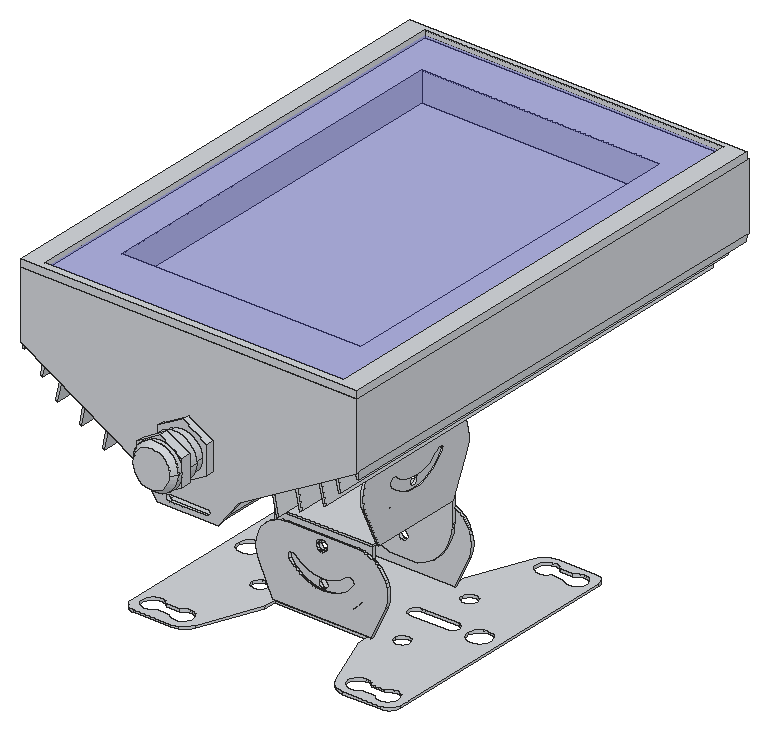
Revit family "STS-10280_RV17_LOD400 (22.11.23)", category Электрооборудование, Revit 2017
Family settings
  Конфигурация панели = Два столбца, слева направо
  Размер круглого соединителя = Использовать диаметр
  Тип детали = Щит
  На основе рабочей плоскости = Да
  Всегда вертикально = Нет
  При загрузке вырезать с полостями = Нет
  Общий = Нет
  Точка расчета площади = Нет
Parameters (values of type "STS-10280")
  Угол_влево_вправо [instance] = 0.00°
  Угол_вверх_вниз [instance] = 0.00°
  Среднее время наработки на отказ, не менее, ч = 30000
  Смещение_УГО_Y [instance] = 0 mm
  Смещение_УГО_X [instance] = 0 mm
  Раздел проекта [instance] = ""
  Раздел Спецификации [instance] = ""
  Потребляемая мощность при 50%, не более, Вт = 25
  Потребляемая мощность при 100%, не более, Вт = 45
  Default Elevation = 1219.2 mm
  Напряжение электропитания постоянного тока, В = "от 10,5 до 30"
  Напряжение = "30"
  Мощность = "45"
  Зона излучения [instance] = yes
  Длина волны излучения, нм = 850
  Диапазон рабочих температур, ºС = "от – 40 до + 50"
  Дальность излучения, не менее, м = 200 mm
  Гальванически развязанный интерфейс управления = "RS-485"
  Время восстановления работоспособности в условиях эксплуатации, не более, мин = 30
  Видимость_УГО [instance] = yes
  Вариант исполнения = "уличный"
  В_Угол_вверх_вниз [instance] = if(and(Угол_вверх_вниз > -45.00°, not(Угол_вверх_вниз > 40.00°)), Угол_вверх_вниз, 0.00°)  # 0.00°
  В_Смещение_УГО_Y [instance] = Смещение_УГО_Y + 2000 mm  # 2000 mm
  В_Смещение_УГО_X [instance] = Смещение_УГО_X + 2000 mm  # 2000 mm
  d_короба = 20 mm
  ADSK_Размер_Ширина = 145 mm
  ADSK_Размер_Длина = 230 mm
  ADSK_Размер_Высота = 73 mm
  ADSK_Примечание = ""
  ADSK_Наименование = "ИК-прожектор STS-10280"
  ADSK_Масса = 2.3
  ADSK_Марка = "СТВФ.426479.100"
  ADSK_Количество = 1
  ADSK_Завод-изготовитель = "ООО «Основа Безопасности»"  # constant formula
  ADSK_Единица измерения = "шт."  # constant formula
  ADSK_URL страницы изделия = "https://stilsoft.ru/products/ik-prozhektor-sts-10280"
  ADSK_URL документации изделия = ""
Reference planes
  plane 1 "По центру (Вперед/Назад)": y = 0
  plane 2: z = 0
  plane 3 "По центру (Влево/Вправо)": x = 0
  plane 4: y = 2000
  plane 5: x = -2000
  plane 6: x = 0
  plane 7: y = 0
  plane 8: z = 73
  plane 9: z = 146
  plane 10: x = 72.5
  plane 11: x = -72.5
  plane 12: y = 115
  plane 13 "1": y = -115
  plane 14: y = -95
  plane 15: z = 29.029
  plane 16: z = 25.783
Forms (mm)
  Extrusion 1, solid, detail levels medium+fine
    sketch origin (0, -0.994, -37.492) x (-1, 0, 0) y (0, 0, -1)
      loop
        line (-15, -70.457) -> (15, -70.457)
        arc (15, -70.457) -> (26.228, -64.464) -> (27.5, -51.8) r 13.516
        line (27.5, -51.8) -> (20.934, -37.492) -> (-20.934, -37.492) -> (-27.5, -51.8)
        arc (-27.5, -51.8) -> (-26.228, -64.464) -> (-15, -70.457) r 13.516
      loop
        circle (0, -66.521) r 2.5
      loop
        arc (11.622, -59.263) -> (13.889, -59.2) -> (14.185, -56.951) r 1.748
        arc (14.185, -56.951) -> (0.829, -49.125) -> (-13.425, -55.163) r 17.248
        arc (-13.425, -55.163) -> (-13.327, -58.017) -> (-10.474, -58.114) r 2.092
        arc (-10.474, -58.114) -> (0.812, -54.112) -> (11.622, -59.263) r 15.645
    from 21 to 22
  Extrusion 2, solid, detail levels medium+fine
    sketch origin (0, 0.994, -37.492) x (-1, 0, 0) y (0, 0, 1)
      loop
        arc (-15, 70.457) -> (-26.228, 64.464) -> (-27.5, 51.8) r 13.516
        line (-27.5, 51.8) -> (-20.934, 37.492) -> (20.934, 37.492) -> (27.5, 51.8)
        arc (27.5, 51.8) -> (26.228, 64.464) -> (15, 70.457) r 13.516
        line (15, 70.457) -> (-15, 70.457)
      loop
        circle (0, 66.521) r 2.5
      loop
        arc (11.622, 59.263) -> (0.812, 54.112) -> (-10.474, 58.114) r 15.645
        arc (-10.474, 58.114) -> (-13.327, 58.017) -> (-13.425, 55.163) r 2.092
        arc (-13.425, 55.163) -> (0.829, 49.125) -> (14.185, 56.951) r 17.248
        arc (14.185, 56.951) -> (13.889, 59.2) -> (11.622, 59.263) r 1.748
    from 21 to 22
  Extrusion 3, solid, detail levels medium+fine
    sketch origin (0, 0, 0) x (1, 0, 0) y (0, 1, 0)
      loop
        line (-20.121, 23.5) -> (-20.121, 28.5) -> (-30.091, 53.272)
        arc (-30.091, 53.272) -> (-32.868, 56.707) -> (-37.091, 58) r 7.545
        line (-37.091, 58) -> (-53.17, 58)
        arc (-53.17, 58) -> (-56.585, 56.585) -> (-58, 53.17) r 4.83
        line (-58, 53.17) -> (-58, -53.17)
        arc (-58, -53.17) -> (-56.585, -56.585) -> (-53.17, -58) r 4.83
        line (-53.17, -58) -> (-37.091, -58)
        arc (-37.091, -58) -> (-32.868, -56.707) -> (-30.091, -53.272) r 7.545
        line (-30.091, -53.272) -> (-20.121, -28.5) -> (-20.121, -23.5) -> (20.121, -23.5) -> (20.121, -28.5) -> (30.091, -53.272)
        arc (30.091, -53.272) -> (32.868, -56.707) -> (37.091, -58) r 7.545
        line (37.091, -58) -> (53.17, -58)
        arc (53.17, -58) -> (56.585, -56.585) -> (58, -53.17) r 4.83
        line (58, -53.17) -> (58, 53.17)
        arc (58, 53.17) -> (56.585, 56.585) -> (53.17, 58) r 4.83
        line (53.17, 58) -> (37.091, 58)
        arc (37.091, 58) -> (32.868, 56.707) -> (30.091, 53.272) r 7.545
        line (30.091, 53.272) -> (20.121, 28.5) -> (20.121, 23.5) -> (-20.121, 23.5)
      loop
        circle (0, 0) r 6.2
      loop
        circle (49.502, 0) r 5
      loop
        circle (-49.502, 0) r 5
      loop
        arc (22, 3) -> (19, 0) -> (22, -3) r 3
        line (22, -3) -> (37.951, -3)
        arc (37.951, -3) -> (40.951, 0) -> (37.951, 3) r 3
        line (37.951, 3) -> (22, 3)
      loop
        line (-22, 3) -> (-37.951, 3)
        arc (-37.951, 3) -> (-40.951, 0) -> (-37.951, -3) r 3
        line (-37.951, -3) -> (-22, -3)
        arc (-22, -3) -> (-19, 0) -> (-22, 3) r 3
      loop
        circle (-30.663, -18.181) r 3.3
      loop
        circle (30.663, -18.181) r 3.3
      loop
        circle (-30.663, 18.181) r 3.3
      loop
        circle (30.663, 18.181) r 3.3
      loop
        arc (-47.08, 53.456) -> (-55.168, 50.741) -> (-47.08, 48.026) r 4.5
        line (-47.08, 48.026) -> (-41.539, 48.026)
        arc (-41.539, 48.026) -> (-33.451, 50.741) -> (-41.539, 53.456) r 4.5
        line (-41.539, 53.456) -> (-47.08, 53.456)
      loop
        line (47.08, 53.456) -> (41.539, 53.456)
        arc (41.539, 53.456) -> (33.451, 50.741) -> (41.539, 48.026) r 4.5
        line (41.539, 48.026) -> (47.08, 48.026)
        arc (47.08, 48.026) -> (55.168, 50.741) -> (47.08, 53.456) r 4.5
      loop
        line (-47.08, -53.456) -> (-41.539, -53.456)
        arc (-41.539, -53.456) -> (-33.451, -50.741) -> (-41.539, -48.026) r 4.5
        line (-41.539, -48.026) -> (-47.08, -48.026)
        arc (-47.08, -48.026) -> (-55.168, -50.741) -> (-47.08, -53.456) r 4.5
      loop
        arc (47.08, -53.456) -> (55.168, -50.741) -> (47.08, -48.026) r 4.5
        line (47.08, -48.026) -> (41.539, -48.026)
        arc (41.539, -48.026) -> (33.451, -50.741) -> (41.539, -53.456) r 4.5
        line (41.539, -53.456) -> (47.08, -53.456)
    from 0 to 1
Lines and regions (mm)
  reference lines
    curve 1: line (0, 0, 29.029) -> (65, 0, 29.029)
Dimensions and locks
  locked: plane 4 to plane 1 "По центру (Вперед/Назад)" at 2000
  locked: plane 5 to plane 3 "По центру (Влево/Вправо)" at 2000
  "В_Смещение_УГО_X": plane 5 to plane 6
  "В_Смещение_УГО_Y": plane 4 to plane 7
  "ADSK_Размер_Высота": plane 9 to plane 8
  plane 11 to plane 10 = 145 mm
  "ADSK_Размер_Длина": plane 12 to plane 13 "1"
  "ADSK_Размер_Ширина": plane 11 to plane 10
  locked: plane 15 to plane 16 at 3.246
  "В_Угол_вверх_вниз": angle plane 16 to curve 1
  aligned and locked: level to plane 2
  aligned and locked: plane 3 "По центру (Влево/Вправо)" to curve 1
  aligned and locked: plane 15 to curve 1
  aligned and locked: nested 1 to curve 1
  aligned and locked: plane 6 to nested 3
  aligned and locked: nested 3 to plane 7
Automatic sketch dimensions
  Extrusion 1 sketch curve to plane 3 "По центру (Влево/Вправо)" = 0 mm  (x2)
  plane 3 "По центру (Влево/Вправо)" to Extrusion 1 sketch curve = 0.285 mm
  plane 3 "По центру (Влево/Вправо)" to Extrusion 1 sketch curve = 11.849 mm
  Extrusion 1 sketch curve to Extrusion 1 sketch curve = 3.151 mm
  level to Extrusion 1 sketch curve = 0 mm
  Extrusion 1 sketch curve to Extrusion 1 sketch curve = 5.934 mm  (x2)
  level to Extrusion 1 sketch curve = 14.308 mm  (x2)
  Extrusion 1 sketch curve to Extrusion 1 sketch curve = 12.5 mm  (x2)
  Extrusion 1 sketch curve to plane 3 "По центру (Влево/Вправо)" = 12.719 mm
  Extrusion 1 sketch curve to Extrusion 1 sketch curve = 2.281 mm
  Extrusion 1 sketch curve to Extrusion 1 sketch curve = 4.738 mm
  Extrusion 1 sketch curve to Extrusion 1 sketch curve = 0.402 mm
  Extrusion 1 sketch curve to Extrusion 1 sketch curve = 0.962 mm
  Extrusion 1 sketch curve to Extrusion 1 sketch curve = 0.184 mm
  Extrusion 1 sketch curve to Extrusion 1 sketch curve = 1.375 mm
  Extrusion 1 sketch curve to Extrusion 1 sketch curve = 1.576 mm
  Extrusion 1 sketch curve to Extrusion 1 sketch curve = 1.097 mm
  Extrusion 1 sketch curve to Extrusion 1 sketch curve = 0.815 mm
  Extrusion 2 sketch curve to plane 3 "По центру (Влево/Вправо)" = 0 mm  (x2)
  plane 3 "По центру (Влево/Вправо)" to Extrusion 2 sketch curve = 0.285 mm
  plane 3 "По центру (Влево/Вправо)" to Extrusion 2 sketch curve = 11.849 mm
  Extrusion 2 sketch curve to Extrusion 2 sketch curve = 3.151 mm
  level to Extrusion 2 sketch curve = 0 mm
  Extrusion 2 sketch curve to Extrusion 2 sketch curve = 5.934 mm  (x2)
  level to Extrusion 2 sketch curve = 14.308 mm  (x2)
  Extrusion 2 sketch curve to Extrusion 2 sketch curve = 12.5 mm  (x2)
  Extrusion 2 sketch curve to plane 3 "По центру (Влево/Вправо)" = 12.719 mm
  Extrusion 2 sketch curve to Extrusion 2 sketch curve = 2.281 mm
  Extrusion 2 sketch curve to Extrusion 2 sketch curve = 4.738 mm
  Extrusion 2 sketch curve to Extrusion 2 sketch curve = 0.402 mm
  Extrusion 2 sketch curve to Extrusion 2 sketch curve = 0.962 mm
  Extrusion 2 sketch curve to Extrusion 2 sketch curve = 0.184 mm
  Extrusion 2 sketch curve to Extrusion 2 sketch curve = 1.375 mm
  Extrusion 2 sketch curve to Extrusion 2 sketch curve = 1.576 mm
  Extrusion 2 sketch curve to Extrusion 2 sketch curve = 1.097 mm
  Extrusion 2 sketch curve to Extrusion 2 sketch curve = 0.815 mm
  Extrusion 1 sketch curve to Extrusion 1 sketch curve = 0.72 mm
  Extrusion 1 sketch curve to Extrusion 1 sketch curve = 3.215 mm
  Extrusion 2 sketch curve to Extrusion 2 sketch curve = 9.798 mm
  Extrusion 2 sketch curve to Extrusion 2 sketch curve = 3.215 mm
  plane 1 "По центру (Вперед/Назад)" to Extrusion 3 sketch curve = 0 mm  (x5)
  Extrusion 3 sketch curve to plane 3 "По центру (Влево/Вправо)" = 0 mm
  Extrusion 3 sketch curve to Extrusion 3 sketch curve = 2.502 mm  (x2)
  Extrusion 3 sketch curve to Extrusion 3 sketch curve = 3.589 mm  (x12)
  Extrusion 3 sketch curve to Extrusion 3 sketch curve = 5.54 mm  (x4)
  Extrusion 3 sketch curve to Extrusion 3 sketch curve = 0 mm  (x4)
  Extrusion 3 sketch curve to plane 1 "По центру (Вперед/Назад)" = 3 mm
  Extrusion 3 sketch curve to Extrusion 3 sketch curve = 11.551 mm  (x2)
  Extrusion 3 sketch curve to Extrusion 3 sketch curve = 4.448 mm  (x2)
  Extrusion 3 sketch curve to Extrusion 3 sketch curve = 7.288 mm  (x2)
  Extrusion 3 sketch curve to Extrusion 3 sketch curve = 7 mm  (x4)
  Extrusion 3 sketch curve to Extrusion 3 sketch curve = 15.951 mm  (x2)
  Extrusion 3 sketch curve to Extrusion 3 sketch curve = 10.542 mm  (x4)
  plane 3 "По центру (Влево/Вправо)" to Extrusion 3 sketch curve = 20.121 mm  (x2)
  plane 1 "По центру (Вперед/Назад)" to Extrusion 3 sketch curve = 3 mm
  Extrusion 3 sketch curve to Extrusion 3 sketch curve = 1.879 mm
  Extrusion 3 sketch curve to Extrusion 3 sketch curve = 9.971 mm  (x4)
  Extrusion 3 sketch curve to Extrusion 3 sketch curve = 0.86 mm  (x2)
  Extrusion 3 sketch curve to Extrusion 3 sketch curve = 2.429 mm  (x7)
  Extrusion 3 sketch curve to Extrusion 3 sketch curve = 0.286 mm  (x3)
  Extrusion 3 sketch curve to Extrusion 3 sketch curve = 25.5 mm  (x2)
  Extrusion 3 sketch curve to Extrusion 3 sketch curve = 5 mm  (x3)
  Extrusion 3 sketch curve to Extrusion 3 sketch curve = 5.319 mm  (x3)
  Extrusion 3 sketch curve to Extrusion 3 sketch curve = 15.181 mm  (x2)
  Extrusion 3 sketch curve to Extrusion 3 sketch curve = 5.144 mm
  Extrusion 3 sketch curve to Extrusion 3 sketch curve = 19.526 mm  (x4)
  Extrusion 3 sketch curve to Extrusion 3 sketch curve = 4.83 mm  (x2)
  Extrusion 3 sketch curve to Extrusion 3 sketch curve = 2.715 mm
  Extrusion 3 sketch curve to Extrusion 3 sketch curve = 6.091 mm  (x2)
  Extrusion 3 sketch curve to plane 3 "По центру (Влево/Вправо)" = 20.121 mm
  radius of Extrusion 1 sketch curve = 2.5 mm
  radius of Extrusion 2 sketch curve = 2.5 mm
  radius of Extrusion 3 sketch curve = 6.2 mm
  radius of Extrusion 3 sketch curve = 5 mm  (x2)
  radius of Extrusion 3 sketch curve = 3.3 mm  (x4)
Nested families
  nested 1: "2" at (0, 0, -0.12), Угол_влево_вправо <- "Угол_влево_вправо", type "кронштейн вверх", detail levels medium+fine
    with Угол_влево_вправо 0.00°, В_Улог по горизонтали 0.00°
  nested 2: "Зона прожектора" at (-0.121, -16.994, 108.399) x (-1, 0, 0) z (0, 0, 1), visible <- "Зона излучения", type "Зона прожектора", detail levels medium+fine
    with Угол по горизонтали 15.00°, Угол по вертикали 15.00°, L2 200000 mm, L 200000 mm, Hv1 103 mm, Hv 52602.74 mm, Hg1 160 mm, H 52602.74 mm, D 52602.74 mm
  nested 3: "УГО_ИК прожектора" at (0, 0, 0), type "УГО_ИК прожектора", detail levels coarse
Definition of nested family "2"
  Parameters (values of type "кронштейн вверх")
    Угол_влево_вправо [instance] = 0.00°
    Default Elevation = 1219.2 mm
    Voltage = "0"
    Wattage = "0"
    В_Улог по горизонтали [instance] = if(and(Угол_влево_вправо > -45.00°, not(Угол_влево_вправо > 45.00°)), Угол_влево_вправо, 0.00°)  # 0.00°
  Reference planes
    plane 1 "По центру (Вперед/Назад)": y = 0
    plane 2: z = 0
    plane 3 "По центру (Влево/Вправо)": x = 0
    plane 4: z = 66.457
    plane 5: z = 59.779
  Forms (mm)
    Extrusion 1, solid
      sketch origin (0, 0, 0) x (0, 1, 0) y (0, 0, 1)
        loop
          arc (-15, 70.457) -> (-26.228, 64.464) -> (-27.5, 51.8) r 13.516
          line (-27.5, 51.8) -> (-20, 35.457) -> (20, 35.457) -> (27.5, 51.8)
          arc (27.5, 51.8) -> (26.228, 64.464) -> (15, 70.457) r 13.516
          line (15, 70.457) -> (-15, 70.457)
        loop
          circle (0, 66.521) r 2.5
        loop
          arc (11.622, 59.263) -> (0.812, 54.112) -> (-10.474, 58.114) r 15.645
          arc (-10.474, 58.114) -> (-13.327, 58.017) -> (-13.425, 55.163) r 2.092
          arc (-13.425, 55.163) -> (0.829, 49.125) -> (14.185, 56.951) r 17.248
          arc (14.185, 56.951) -> (13.889, 59.2) -> (11.622, 59.263) r 1.748
      from 21 to 22
    Extrusion 2, solid
      sketch origin (0, 0, 0) x (0, 1, 0) y (0, 0, -1)
        loop
          line (-15, -70.457) -> (15, -70.457)
          arc (15, -70.457) -> (26.228, -64.464) -> (27.5, -51.8) r 13.516
          line (27.5, -51.8) -> (20, -35.457) -> (-20, -35.457) -> (-27.5, -51.8)
          arc (-27.5, -51.8) -> (-26.228, -64.464) -> (-15, -70.457) r 13.516
        loop
          circle (0, -66.521) r 2.5
        loop
          arc (11.622, -59.263) -> (13.889, -59.2) -> (14.185, -56.951) r 1.748
          arc (14.185, -56.951) -> (0.829, -49.125) -> (-13.425, -55.163) r 17.248
          arc (-13.425, -55.163) -> (-13.327, -58.017) -> (-10.474, -58.114) r 2.092
          arc (-10.474, -58.114) -> (0.812, -54.112) -> (11.622, -59.263) r 15.645
      from 21 to 22
    Extrusion 3, solid
      sketch origin (-0.006, 41.994, -37.543) x (-1, 0, 0) y (0, 0, -1)
        loop
          line (6.014, -43) -> (-6.014, -43)
          arc (-6.014, -43) -> (-16.834, -50.506) -> (-20.994, -63) r 20.841
          line (-20.994, -63) -> (-20.994, -73) -> (20.994, -73) -> (20.994, -63)
          arc (20.994, -63) -> (16.834, -50.506) -> (6.014, -43) r 20.841
        loop
          circle (0, -66.492) r 2
        loop
          circle (0, -51.492) r 2
      from 20 to 21
    Extrusion 4, solid
      sketch origin (-0.006, -41.994, -37.543) x (-1, 0, 0) y (0, 0, 1)
        loop
          arc (6.014, 43) -> (16.834, 50.506) -> (20.994, 63) r 20.841
          line (20.994, 63) -> (20.994, 73) -> (-20.994, 73) -> (-20.994, 63)
          arc (-20.994, 63) -> (-16.834, 50.506) -> (-6.014, 43) r 20.841
          line (-6.014, 43) -> (6.014, 43)
        loop
          circle (0, 66.492) r 2
        loop
          circle (0, 51.492) r 2
      from 20 to 21
    Extrusion 5, solid
      sketch origin (0, 0, 0) x (1, 0, 0) y (0, 0, 1)
        loop
          line (-21, 35.457) -> (20.989, 35.457) -> (20.989, 36.457) -> (-21, 36.457) -> (-21, 35.457)
      from -21.994 to 21.994
  Lines and regions (mm)
    reference lines
      curve 1: line (0, 0, 66.457) -> (0, -112.481, 66.457)
  Dimensions and locks
    locked: plane 4 to plane 5 at 6.678
    "В_Улог по горизонтали": angle plane 5 to curve 1
    aligned and locked: plane 2 to level
    aligned and locked: plane 1 "По центру (Вперед/Назад)" to curve 1
    aligned and locked: plane 4 to curve 1
    aligned and locked: curve 1 to nested 1
  Automatic sketch dimensions
    Extrusion 1 sketch curve to plane 1 "По центру (Вперед/Назад)" = 0 mm  (x2)
    plane 1 "По центру (Вперед/Назад)" to Extrusion 1 sketch curve = 0.285 mm
    plane 1 "По центру (Вперед/Назад)" to Extrusion 1 sketch curve = 11.849 mm
    Extrusion 1 sketch curve to Extrusion 1 sketch curve = 3.151 mm
    plane 1 "По центру (Вперед/Назад)" to Extrusion 1 sketch curve = 20 mm
    Extrusion 1 sketch curve to Extrusion 1 sketch curve = 12.5 mm  (x2)
    Extrusion 1 sketch curve to plane 1 "По центру (Вперед/Назад)" = 12.719 mm
    Extrusion 1 sketch curve to Extrusion 1 sketch curve = 2.281 mm
    Extrusion 1 sketch curve to plane 1 "По центру (Вперед/Назад)" = 20 mm
    Extrusion 1 sketch curve to Extrusion 1 sketch curve = 4.738 mm
    Extrusion 1 sketch curve to Extrusion 1 sketch curve = 0.402 mm
    Extrusion 1 sketch curve to Extrusion 1 sketch curve = 0.962 mm
    Extrusion 1 sketch curve to Extrusion 1 sketch curve = 0.184 mm
    Extrusion 1 sketch curve to Extrusion 1 sketch curve = 3.215 mm
    Extrusion 1 sketch curve to Extrusion 1 sketch curve = 1.375 mm
    Extrusion 1 sketch curve to Extrusion 1 sketch curve = 1.576 mm
    Extrusion 1 sketch curve to Extrusion 1 sketch curve = 1.097 mm
    Extrusion 1 sketch curve to Extrusion 1 sketch curve = 0.815 mm
    Extrusion 2 sketch curve to plane 1 "По центру (Вперед/Назад)" = 0 mm  (x2)
    plane 1 "По центру (Вперед/Назад)" to Extrusion 2 sketch curve = 0.285 mm
    plane 1 "По центру (Вперед/Назад)" to Extrusion 2 sketch curve = 11.849 mm
    Extrusion 2 sketch curve to Extrusion 2 sketch curve = 3.151 mm
    plane 1 "По центру (Вперед/Назад)" to Extrusion 2 sketch curve = 20 mm
    Extrusion 2 sketch curve to Extrusion 2 sketch curve = 12.5 mm  (x2)
    Extrusion 2 sketch curve to plane 1 "По центру (Вперед/Назад)" = 12.719 mm
    Extrusion 2 sketch curve to Extrusion 2 sketch curve = 2.281 mm
    Extrusion 2 sketch curve to plane 1 "По центру (Вперед/Назад)" = 20 mm
    Extrusion 2 sketch curve to Extrusion 2 sketch curve = 4.738 mm
    Extrusion 2 sketch curve to Extrusion 2 sketch curve = 0.402 mm
    Extrusion 2 sketch curve to Extrusion 2 sketch curve = 0.962 mm
    Extrusion 2 sketch curve to Extrusion 2 sketch curve = 0.184 mm
    Extrusion 2 sketch curve to Extrusion 2 sketch curve = 3.215 mm
    Extrusion 2 sketch curve to Extrusion 2 sketch curve = 1.375 mm
    Extrusion 2 sketch curve to Extrusion 2 sketch curve = 1.576 mm
    Extrusion 2 sketch curve to Extrusion 2 sketch curve = 1.097 mm
    Extrusion 2 sketch curve to Extrusion 2 sketch curve = 0.815 mm
    plane 3 "По центру (Влево/Вправо)" to Extrusion 3 sketch curve = 20.989 mm
    plane 3 "По центру (Влево/Вправо)" to Extrusion 3 sketch curve = 6.008 mm
    plane 3 "По центру (Влево/Вправо)" to Extrusion 3 sketch curve = 0.148 mm
    Extrusion 3 sketch curve to plane 3 "По центру (Влево/Вправо)" = 0.006 mm  (x2)
    Extrusion 3 sketch curve to plane 3 "По центру (Влево/Вправо)" = 0.159 mm
    Extrusion 3 sketch curve to plane 3 "По центру (Влево/Вправо)" = 6.02 mm
    Extrusion 3 sketch curve to plane 3 "По центру (Влево/Вправо)" = 21 mm
    Extrusion 3 sketch curve to Extrusion 3 sketch curve = 10 mm
    Extrusion 3 sketch curve to Extrusion 3 sketch curve = 8.492 mm
    plane 3 "По центру (Влево/Вправо)" to Extrusion 4 sketch curve = 20.989 mm
    plane 3 "По центру (Влево/Вправо)" to Extrusion 4 sketch curve = 6.008 mm
    plane 3 "По центру (Влево/Вправо)" to Extrusion 4 sketch curve = 0.148 mm
    Extrusion 4 sketch curve to plane 3 "По центру (Влево/Вправо)" = 0.006 mm  (x2)
    Extrusion 4 sketch curve to plane 3 "По центру (Влево/Вправо)" = 0.159 mm
    Extrusion 4 sketch curve to plane 3 "По центру (Влево/Вправо)" = 6.02 mm
    Extrusion 4 sketch curve to plane 3 "По центру (Влево/Вправо)" = 21 mm
    Extrusion 4 sketch curve to Extrusion 4 sketch curve = 3.492 mm
    Extrusion 4 sketch curve to Extrusion 4 sketch curve = 8.492 mm
    Extrusion 5 sketch curve to plane 3 "По центру (Влево/Вправо)" = 21 mm
    plane 3 "По центру (Влево/Вправо)" to Extrusion 5 sketch curve = 20.989 mm
    Extrusion 1 sketch curve to Extrusion 1 sketch curve = 9.396 mm
    Extrusion 1 sketch curve to Extrusion 1 sketch curve = 16.344 mm  (x2)
    Extrusion 2 sketch curve to Extrusion 2 sketch curve = 12.554 mm
    Extrusion 2 sketch curve to Extrusion 2 sketch curve = 16.344 mm
    level to Extrusion 3 sketch curve = 35.457 mm
    Extrusion 3 sketch curve to Extrusion 3 sketch curve = 3.492 mm
    level to Extrusion 4 sketch curve = 5.457 mm
    Extrusion 4 sketch curve to Extrusion 4 sketch curve = 10 mm
    level to Extrusion 5 sketch curve = 35.457 mm
    Extrusion 5 sketch curve to Extrusion 5 sketch curve = 1 mm
    level to Extrusion 1 sketch curve = 35.457 mm
    level to Extrusion 2 sketch curve = 70.457 mm
    Extrusion 2 sketch curve to Extrusion 2 sketch curve = 0.72 mm
    radius of Extrusion 1 sketch curve = 2.5 mm
    radius of Extrusion 2 sketch curve = 2.5 mm
    radius of Extrusion 3 sketch curve = 2 mm  (x2)
    radius of Extrusion 4 sketch curve = 2 mm  (x2)
  Nested families
    nested 1: "1" at (0, 0, 0.056), type "основа STS-10260"
      with Смещение_УГО_Y 1000 mm, Смещение_УГО_X 1000 mm, Раздел проекта "", Раздел Спецификации "", В_Смещение_УГО_Y 3000 mm, В_Смещение_УГО_X 3000 mm
  Definition of nested family "1"
    Parameters (values of type "основа STS-10260")
      Смещение_УГО_Y [instance] = 1000 mm
      Смещение_УГО_X [instance] = 1000 mm
      Раздел проекта [instance] = ""
      Раздел Спецификации [instance] = ""
      Default Elevation = 1219.2 mm
      Voltage = "30"
      Wattage = "45"
      В_Смещение_УГО_Y [instance] = Смещение_УГО_Y + 2000 mm  # 3000 mm
      В_Смещение_УГО_X [instance] = Смещение_УГО_X + 2000 mm  # 3000 mm
      d_короба = 20 mm
      ADSK_Примечание = ""
      ADSK_Наименование = "Прожектор видимого диапазона STS-10260"
      ADSK_Масса = 2.3
      ADSK_Марка = "СТВФ.426479.101"
      ADSK_Количество = 1
      ADSK_Завод-изготовитель = "ООО «Основа Безопасности»"  # constant formula
      ADSK_Единица измерения = "шт."  # constant formula
      ADSK_URL страницы изделия = "https://stilsoft.ru/products/prozhektor-vidimogo-diapazona-sts-10260"
      ADSK_URL документации изделия = ""
    Reference planes
      plane 1 "По центру (Вперед/Назад)": y = 0
      plane 2: z = 0
      plane 3 "По центру (Влево/Вправо)": x = 0
      plane 4: z = 73
      plane 5: z = 146
      plane 6: x = 72.5
      plane 7: x = -72.5
      plane 8: y = 115
      plane 9 "1": y = -115
      plane 10: x = 58
      plane 11: x = -58
      plane 12: y = -95
    Forms (mm)
      Extrusion 1, solid
        sketch origin (0, 0, 0) x (1, 0, 0) y (0, 1, 0)
          loop
            line (-72.5, 115) -> (-72.5, -95) -> (72.5, -95) -> (72.5, 115) -> (-72.5, 115)
          loop
            line (-64.5, 113.002) -> (-64.5, -91.69) -> (64.5, -91.69) -> (64.5, 113.002) -> (-64.5, 113.002)
        from 143 to 146
      Extrusion 2, solid
        sketch origin (0, 0, 0) x (1, 0, 0) y (0, 1, 0)
          loop
            line (-64.5, 113.002) -> (-64.5, -91.69) -> (64.5, -91.69) -> (64.5, 113.002) -> (-64.5, 113.002)
        from 143 to 144
      Extrusion 3, void
        sketch origin (0, 0, 0) x (1, 0, 0) y (0, 1, 0)
          loop
            line (51.5, 95.053) -> (-51.5, 95.053) -> (-51.5, -66.69) -> (51.5, -66.69) -> (51.5, 95.053)
        from 130 to 144
      Extrusion 4, solid
        sketch origin (0, 0, 0) x (1, 0, 0) y (0, 1, 0)
          loop
            line (-72.5, 115) -> (-72.5, -95) -> (72.5, -95) -> (72.5, 115) -> (-72.5, 115)
        from 114 to 143
      Extrusion 5, solid
        sketch origin (0, -115, 0) x (1, 0, 0) y (0, 0, 1)
          loop
            line (-13.023, 73) -> (13, 73) -> (22, 85) -> (72.5, 114) -> (72.5, 143) -> (-72.5, 143) -> (-72.5, 114) -> (-22, 85) -> (-13.023, 73)
          loop
            line (-8, 74.976) -> (8, 74.976)
            arc (8, 74.976) -> (9.482, 76.458) -> (8, 77.94) r 1.482
            line (8, 77.94) -> (-8, 77.94)
            arc (-8, 77.94) -> (-9.482, 76.458) -> (-8, 74.976) r 1.482
        from -20 to -21.258
      Extrusion 6, solid
        sketch origin (0, 115, 0) x (1, 0, 0) y (0, 0, -1)
          loop
            line (-13.023, -73) -> (-22, -85) -> (-72.5, -114) -> (-72.5, -143) -> (72.5, -143) -> (72.5, -114) -> (22, -85) -> (13, -73) -> (-13.023, -73)
          loop
            arc (-8, -74.976) -> (-9.482, -76.458) -> (-8, -77.94) r 1.482
            line (-8, -77.94) -> (8, -77.94)
            arc (8, -77.94) -> (9.482, -76.458) -> (8, -74.976) r 1.482
            line (8, -74.976) -> (-8, -74.976)
        from 0 to 1
      Extrusion 7, solid
        sketch origin (0, 0, 0) x (1, 0, 0) y (0, 0, 1)
          loop
            line (-22.101, 85.745) -> (21.975, 85.745)
            arc (21.975, 85.745) -> (24.114, 86.631) -> (25, 88.77) r 3.025
            line (25, 88.77) -> (25, 114) -> (-25.126, 114) -> (-25.126, 88.77)
            arc (-25.126, 88.77) -> (-24.24, 86.631) -> (-22.101, 85.745) r 3.025
        from -115 to 93.742
      Extrusion 8, solid
        sketch origin (0, 0, 0) x (1, 0, 0) y (0, 0, 1)
          loop
            line (-32.492, 114) -> (-37.951, 84.631) -> (-37.091, 84.138) -> (-30.663, 114) -> (-32.492, 114)
          loop
            line (-57.989, 96.058) -> (-57.239, 95.708) -> (-53.17, 114) -> (-54.502, 114) -> (-57.989, 96.058)
          loop
            line (-41.714, 114) -> (-43.543, 114) -> (-47.716, 90.331) -> (-47.08, 89.878) -> (-41.714, 114)
          loop
            line (-61.387, 114) -> (-62.775, 114) -> (-64.648, 103.378) -> (-63.817, 103.075) -> (-61.387, 114)
          loop
            line (-72.5, 114) -> (-72.243, 111.062) -> (-71.409, 111.062) -> (-70.891, 114) -> (-72.5, 114)
        from -115 to 93.742
      Extrusion 9, solid
        sketch origin (0, 0, 0) x (-1, 0, 0) y (0, 0, -1)
          loop
            line (-32.492, -114) -> (-30.663, -114) -> (-37.091, -84.138) -> (-37.951, -84.631) -> (-32.492, -114)
          loop
            line (-57.989, -96.058) -> (-54.502, -114) -> (-53.17, -114) -> (-57.239, -95.708) -> (-57.989, -96.058)
          loop
            line (-41.714, -114) -> (-47.08, -89.878) -> (-47.716, -90.331) -> (-43.543, -114) -> (-41.714, -114)
          loop
            line (-61.387, -114) -> (-63.817, -103.075) -> (-64.648, -103.378) -> (-62.775, -114) -> (-61.387, -114)
          loop
            line (-72.5, -114) -> (-70.891, -114) -> (-71.409, -111.062) -> (-72.243, -111.062) -> (-72.5, -114)
        from -115 to 93.742
      Extrusion 10, solid
        sketch origin (0, 0, 0) x (1, 0, 0) y (0, 0, 1)
          loop
            arc (-11.507, 85.745) -> (-12.602, 85.291) -> (-13.055, 84.197) r 1.548
            line (-13.055, 84.197) -> (-13.055, 74.536)
            arc (-13.055, 74.536) -> (-12.602, 73.442) -> (-11.507, 72.989) r 1.548
            line (-11.507, 72.989) -> (11.446, 72.989)
            arc (11.446, 72.989) -> (12.5, 73.425) -> (12.937, 74.48) r 1.491
            line (12.937, 74.48) -> (12.937, 84.245)
            arc (12.937, 84.245) -> (12.498, 85.305) -> (11.437, 85.745) r 1.5
            line (11.437, 85.745) -> (-11.507, 85.745)
          loop
            arc (-9.96, 84.245) -> (-11.053, 83.792) -> (-11.506, 82.698) r 1.547
            line (-11.506, 82.698) -> (-11.506, 76.031)
            arc (-11.506, 76.031) -> (-11.054, 74.938) -> (-9.962, 74.486) r 1.545
            line (-9.962, 74.486) -> (9.933, 74.486)
            arc (9.933, 74.486) -> (11.016, 74.934) -> (11.464, 76.017) r 1.532
            line (11.464, 76.017) -> (11.464, 83.059)
            arc (11.464, 83.059) -> (10.918, 83.913) -> (9.96, 84.245) r 1.547
            line (9.96, 84.245) -> (-9.96, 84.245)
        from -115 to 93.742
      Extrusion 11, solid
        sketch origin (0, 0, 0) x (1, 0, 0) y (0, 1, 0)
          loop
            line (21, 20.994) -> (17.001, 20.994)
            arc (17.001, 20.994) -> (13.465, 22.459) -> (12, 25.996) r 5.001
            line (12, 25.996) -> (12, 30.91)
            arc (12, 30.91) -> (8.371, 36.382) -> (2.156, 38.5) r 10.179
            line (2.156, 38.5) -> (-2.844, 38.5)
            arc (-2.844, 38.5) -> (-8.791, 36.356) -> (-12, 30.91) r 9.317
            line (-12, 30.91) -> (-12, 25.91)
            arc (-12, 25.91) -> (-13.44, 22.434) -> (-16.916, 20.994) r 4.916
            line (-16.916, 20.994) -> (-21, 20.994) -> (-21, -20.994) -> (-17.001, -20.994)
            arc (-17.001, -20.994) -> (-13.465, -22.459) -> (-12, -25.996) r 5.001
            line (-12, -25.996) -> (-12, -30.91)
            arc (-12, -30.91) -> (-8.791, -36.356) -> (-2.844, -38.5) r 9.317
            line (-2.844, -38.5) -> (2.156, -38.5)
            arc (2.156, -38.5) -> (8.371, -36.382) -> (12, -30.91) r 10.179
            line (12, -30.91) -> (12, -25.91)
            arc (12, -25.91) -> (13.44, -22.434) -> (16.916, -20.994) r 4.916
            line (16.916, -20.994) -> (21, -20.994) -> (21, 20.994)
          loop
            circle (0, 32.488) r 1.982
          loop
            circle (0, -32.488) r 1.982
        from 72 to 73
      Extrusion 12, solid
        sketch origin (0, 0, 0) x (0, 1, 0) y (0, 0, 1)
          loop
            arc (6.014, 43) -> (16.834, 50.506) -> (20.994, 63) r 20.841
            line (20.994, 63) -> (20.994, 73) -> (-20.994, 73) -> (-20.994, 63)
            arc (-20.994, 63) -> (-16.834, 50.506) -> (-6.014, 43) r 20.841
            line (-6.014, 43) -> (6.014, 43)
          loop
            circle (0, 66.548) r 2
          loop
            circle (0, 51.548) r 2
        from 20 to 21
      Extrusion 13, solid
        sketch origin (0, 0, 0) x (0, 1, 0) y (0, 0, -1)
          loop
            line (6.014, -43) -> (-6.014, -43)
            arc (-6.014, -43) -> (-16.834, -50.506) -> (-20.994, -63) r 20.841
            line (-20.994, -63) -> (-20.994, -73) -> (20.994, -73) -> (20.994, -63)
            arc (20.994, -63) -> (16.834, -50.506) -> (6.014, -43) r 20.841
          loop
            circle (0, -66.492) r 2
          loop
            circle (0, -51.492) r 2
        from 20 to 21
      Extrusion 14, solid
        sketch origin (0, 0, 0) x (1, 0, 0) y (0, 0, 1)
          loop
            line (10.5, 104.909) -> (0, 110.972) -> (-10.5, 104.909) -> (-10.5, 92.785) -> (0, 86.723) -> (10.5, 92.785) -> (10.5, 104.909)
        from 95 to 98.2
      Extrusion 15, solid
        sketch origin (0, 0, 0) x (1, 0, 0) y (0, 0, 1)
          loop
            circle (0, 98.847) r 8.541
        from 98.5 to 102.5
      Extrusion 16, solid
        sketch origin (0, 0, 0) x (1, 0, 0) y (0, 0, 1)
          loop
            circle (0, 98.873) r 9.396
        from 102.5 to 106.5
      Extrusion 17, solid
        sketch origin (0, 0, 0) x (1, 0, 0) y (0, 0, 1)
          loop
            line (9.672, 104.557) -> (0, 110.141) -> (-9.672, 104.557) -> (-9.672, 93.389) -> (0, 87.805) -> (9.672, 93.389) -> (9.672, 104.557)
        from 106.5 to 110.5
      Extrusion 18, solid
        sketch origin (0, 0, 0) x (1, 0, 0) y (0, 0, 1)
          loop
            circle (0, 98.866) r 9.696
        from 110.5 to 112.5
      Blend 19, solid
        base sketch origin (0, 0, 0) x (1, 0, 0) y (0, 0, 1)
          loop
            circle (0, 98.975) r 9.695
        top sketch origin (0, 0, 0) x (1, 0, 0) y (0, 0, 1)
          loop
            circle (0, 98.975) r 7.921
        from 112.5 to 115
    Cuts and joins
      Extrusion 3 cuts Extrusion 4
      joined: Extrusion 4, Extrusion 5, Extrusion 6
      Extrusion 3 cuts Extrusion 1
    Dimensions and locks
      plane 5 to plane 4 = 73 mm
      plane 7 to plane 6 = 145 mm
      aligned and locked: level to plane 2
Definition of nested family "Зона прожектора"
  Parameters (values of type "Зона прожектора")
    Угол по горизонтали [instance] = 15.00°
    Угол по вертикали [instance] = 15.00°
    Default Elevation = 1219.2 mm
    М_ш = 7.2 mm  # constant formula
    Rv = 2160  # constant formula
    R = 3840  # constant formula
    L2 [instance] = 200000 mm
    L [instance] = L2  # 200000 mm
    K = 73
    Hv1 [instance] = 103 mm
    Hv [instance] = D * Угол по вертикали / Угол по горизонтали  # 52602.74 mm
    Hg1 [instance] = 160 mm
    H [instance] = Hv  # 52602.74 mm
    D [instance] = R / K * 1000 mm  # 52602.74 mm
  Reference planes
    plane 1 "По центру (Вперед/Назад)": y = 0
    plane 2: z = 0
    plane 3 "По центру (Влево/Вправо)": x = 0
    plane 4 "L1": z = 100
  Forms (mm)
    Blend 1, void, detail levels medium+fine
      base sketch origin (0, 0, 0) x (1, 0, 0) y (0, 1, 0)
        loop
          line (-80, 51.5) -> (-80, -51.5) -> (80, -51.5) -> (80, 51.5) -> (-80, 51.5)
      top sketch origin (0, 0, 0) x (1, 0, 0) y (0, 1, 0)
        loop
          line (-26301.37, 26301.37) -> (-26301.37, -26301.37) -> (26301.37, -26301.37) -> (26301.37, 26301.37) -> (-26301.37, 26301.37)
      from 100 to 200000
  Lines and regions (mm)
    model lines, detail levels medium+fine
      curve 1: line (26301.37, 26301.37, 200000) -> (-26301.37, 26301.37, 200000)
      curve 2: line (-26301.37, 26301.37, 200000) -> (-26301.37, -26301.37, 200000)
      curve 3: line (-26301.37, -26301.37, 200000) -> (26301.37, -26301.37, 200000)
      curve 4: line (26301.37, -26301.37, 200000) -> (26301.37, 26301.37, 200000)
      curve 5: line (-26301.37, -26301.37, 200000) -> (-80, -51.5, 100)
      curve 7: line (-80, 51.5, 100) -> (-26301.37, 26301.37, 200000)
      curve 8: line (26301.37, 26301.37, 200000) -> (80, 51.5, 100)
      curve 10: line (80, -51.5, 100) -> (26301.37, -26301.37, 200000)
    model lines
      curve 6: line (-80, -51.5, 100) -> (-80, 51.5, 100)
      curve 9: line (80, 51.5, 100) -> (80, -51.5, 100)
  Dimensions and locks
    plane 4 "L1" to level = 100 mm
    equal spacing: Blend 1 sketch curve, plane 3 "По центру (Влево/Вправо)", Blend 1 sketch curve  (x2)
    equal spacing: Blend 1 sketch curve, plane 1 "По центру (Вперед/Назад)", Blend 1 sketch curve  (x2)
    "H": Blend 1 sketch curve to Blend 1 sketch curve
    "D": Blend 1 sketch curve to Blend 1 sketch curve
    "Hg1": Blend 1 sketch curve to Blend 1 sketch curve
    "Hv1": Blend 1 sketch curve to Blend 1 sketch curve
    "L": Blend 1 to plane 2
    angle Blend 1 to Blend 1 = 14.9459°
    aligned and locked: level to plane 2
    aligned and locked: Blend 1 to curve 1
    aligned and locked: Blend 1 to curve 3
    aligned and locked: Blend 1 to curve 2
    aligned and locked: Blend 1 to curve 4
  Automatic sketch dimensions
    curve 1 to Blend 1 = 0 mm  (x2)
    curve 3 to Blend 1 = 0 mm
    curve 2 to Blend 1 = 0 mm
    Blend 1 to curve 5 = 0 mm
    curve 5 to Blend 1 = 0 mm  (x3)
    Blend 1 to curve 7 = 0 mm
    curve 7 to Blend 1 = 0 mm  (x2)
    curve 8 to Blend 1 = 0 mm  (x2)
    curve 10 to Blend 1 = 0 mm  (x3)
    curve 9 to Blend 1 = 0 mm
    Blend 1 to curve 8 = 0 mm
Definition of nested family "УГО_ИК прожектора"
  Reference planes
    plane 1: y = 0
    plane 2: x = 0
  Lines and regions (mm)
    Filled region 1, type "Цветовая область 1"
      outline origin (0, 0, 0) x (1, 0, 0) y (0, 1, 0)
        loop
          line (39.059, 0.017) -> (36.271, -4.117) -> (51.634, 0) -> (36.299, 4.109) -> (39.059, 0.017)
    Filled region 2, type "Цветовая область 1"
      outline origin (0, 0, 0) x (1, 0, 0) y (0, 1, 0)
        loop
          line (-11.334, 16.803) -> (0, 0) -> (9.788, 15.664)
          arc (9.788, 15.664) -> (-0.61, 19.254) -> (-11.334, 16.803) r 20
    Filled region 3, type "Цветовая область 1"
      outline origin (0, 0, 0) x (1, 0, 0) y (0, 1, 0)
        loop
          line (0, 0) -> (-11.38, -18.211)
          arc (-11.38, -18.211) -> (0.086, -20.638) -> (10.943, -16.224) r 20
          line (10.943, -16.224) -> (0, 0)
    detail lines
      curve 1: arc (9.788, 15.664, 0) -> (-21.674, -1.441, 0) -> (10.943, -16.224, 0) r 20
      curve 2: line (9.788, 15.664, 0) -> (-11.38, -18.211, 0)
      curve 3: line (10.943, -16.224, 0) -> (-11.334, 16.803, 0)
      curve 4: line (0, 0, 0) -> (51.634, 0, 0)
      curve 5: line (51.634, 0, 0) -> (36.271, 4.117, 0)
      curve 6: line (36.271, 4.117, 0) -> (39.047, 0, 0)
      curve 7: line (51.634, 0, 0) -> (36.271, -4.117, 0)
      curve 8: line (36.271, -4.117, 0) -> (39.047, 0, 0)
